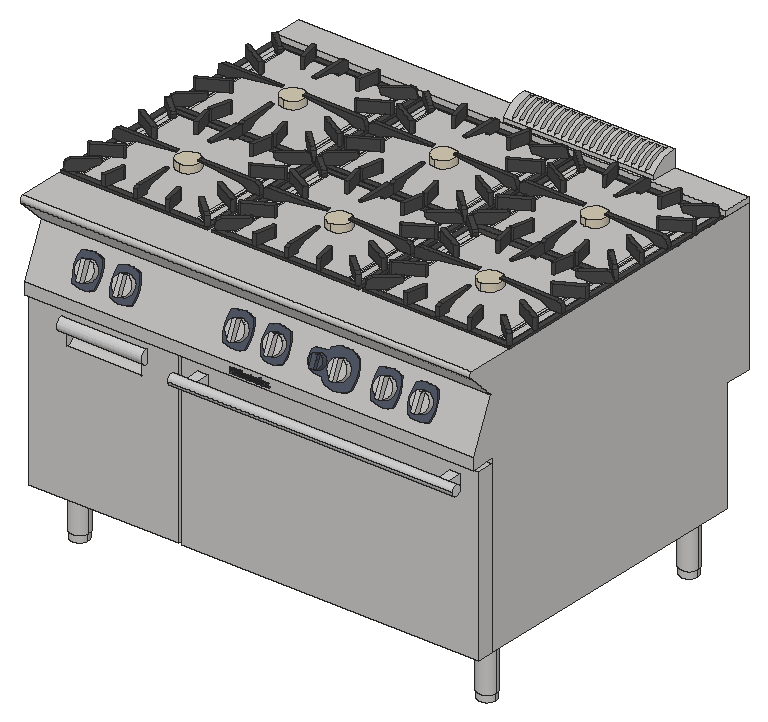
Revit family "QF_ELECTROLUXPROFESSIONAL_391014_E9GCGL6C1M", category Specialty Equipment, Revit 2018
Family settings
  Round Connector Dimension = Use Diameter
  Part Type = Normal
  Work Plane-Based = No
  Always vertical = Yes
  Cut with Voids When Loaded = No
  Shared = No
  Room Calculation Point = No
Parameters
  Weight = 0.00 kg
  Watts = 0 W
  Volts = 0 V
  URL Manufacturer = "http://professional.electrolux.com/"
  URL = "http://professional.electrolux.com/"
  Steam Supply Size = 0"
  Steam Supply Minimum Pressure = 0.00 psi
  Steam Supply Maximum Pressure = 0.00 psi
  Steam Pounds per Hour = 0
  Show Logo [instance] = yes
  Show Clearance [instance] = yes
  Refrigeration Suction Line Size = 0"
  Refrigeration Liquid Line Size = 0"
  Refrigerant Compressor Remote = yes
  Phase = 0
  Model = "E9GCGL6C1M"
  Manufacturer = "Electrolux"
  Length Actual = 1200 mm  # constant formula
  Item Number = "391014"
  Hot Water Size = 0"
  Height Actual = 850 mm  # constant formula
  HP = "0 HP"
  Gas Size = 0"
  Gas KW = 68.5
  Gas Input Pressure = 1.36309 Btu/h
  Direct Waste Size = 0"
  Description = "6-BURNER(10KW)GAS RANGE+OVEN+CUPB.1200MM"
  Depth Actual = 930 mm  # constant formula
  Cycle = 0 Hz
  Condensate Return Size = 0"
  Compressed Air Volume = 0 GPM
  Compressed Air Size = 0"
  Compressed Air Pressure = 0.00 psi
  Cold Water Size = 0"
  Assembly Code = ""
  Accessory = yes
Reference planes
  plane 1 "BACK": y = 0
  plane 2: z = 0
  plane 3 "LEFT": x = 0
  plane 4 "RIGHT": x = 1200
  plane 5 "FRONT": y = -700
  plane 6 "TOP": z = 909
  plane 7 "Center Y": x = 600
  plane 8 "Center X": y = -350
  plane 9 "Base": z = 150
  plane 10: z = 850.9
  plane 11: y = -930
  plane 12: y = -1109
  plane 13: y = -128
  plane 14: y = -802
  plane 15: y = -1309
  plane 16: y = -665
  plane 17: x = 56
  plane 18: x = 1144
Forms (mm)
  Extrusion 1, solid, material "QF_Finishes_Stainless Steel"
    sketch origin (0, 0, 0) x (0, 1, 0) y (0, 0, 1)
      loop
        line (0, 450) -> (0, 850.9) -> (-921.37, 850.9)
        arc (-921.37, 850.9) -> (-929.343, 845.573) -> (-927.472, 836.168) r 8.63
        line (-927.472, 836.168) -> (-858.266, 766.833) -> (-915.833, 641.476) -> (-915.833, 610.179) -> (-855.839, 614.875)
        arc (-855.839, 614.875) -> (-853.314, 614.127) -> (-852.222, 611.731) r 3.175
        line (-852.222, 611.731) -> (-852.222, 150) -> (-71, 150) -> (-71, 450) -> (0, 450)
    from 0 to 1200
  Extrusion 2, solid, material "QF_Finishes_Stainless Steel"
    sketch origin (0, -852.222, 611.731) x (0, 0, -1) y (1, 0, 0)
      loop
        line (461.731, 408.5) -> (461.731, 1200) -> (9.61, 1200) -> (9.61, 408.5) -> (461.731, 408.5)
      loop
        line (461.731, 0) -> (461.731, 400.5) -> (9.61, 400.5) -> (9.61, 0) -> (461.731, 0)
      loop
        line (95.781, 100.253) -> (95.781, 300.8) -> (44.981, 300.8) -> (44.981, 100.253) -> (95.781, 100.253)
    from 3.175 to 47.778
  Extrusion 3, solid, material "QF_Finishes_Stainless Steel"
    sketch origin (0, 0, 0) x (0, -1, 0) y (0, 0, 1)
      loop
        line (0, 850.9) -> (76.2, 850.9) -> (76.2, 865.188) -> (0, 865.188) -> (0, 850.9)
    from 0 to -1200
  Extrusion 4, solid, material "QF_Finishes_Stainless Steel"
    sketch origin (0, -852.222, 150) x (1, 0, 0) y (0, -1, 0)
      loop
        circle (1149, -187.222) r 6.4
    from 0 to 21
  Extrusion 5, solid, material "QF_Door-Drawer Clearances", visible <- "Show Clearance", detail levels coarse
    sketch origin (0, -200, 0) x (0, 1, 0) y (0, 0, 1)
      loop
        line (-1109, 150) -> (-700, 150) -> (-700, 601.405)
        arc (-700, 601.405) -> (-991.543, 454.568) -> (-1109, 150) r 453.603
    from 0 to 1200
  Extrusion 6, solid, material "QF_Clearances", visible <- "Show Clearance", detail levels coarse
    sketch origin (0, -200, 0) x (1, 0, 0) y (0, 1, 0)
      loop
        line (-100, -730) -> (0, -730) -> (0, 200) -> (1200, 200) -> (1200, -730) -> (1300, -730) -> (1300, 300) -> (-100, 300) -> (-100, -730)
    from 0 to 908.85
  Extrusion 7, solid, material "QF_Finishes_Handrails and Railings"
    sketch origin (400, -200, 0) x (0, 1, 0) y (0, 0, 1)
      loop
        line (-700, 580.001) -> (-738.549, 577.296)
        arc (-738.549, 577.296) -> (-739.742, 563.489) -> (-752.852, 558.993) r 12.7
        arc (-752.852, 558.993) -> (-752.311, 558.176) -> (-751.712, 557.401) r 13.441
        arc (-751.712, 557.401) -> (-749.907, 555.955) -> (-747.68, 555.335) r 5.77
        line (-747.68, 555.335) -> (-700, 551.992) -> (-700, 580.001)
    from 50.8 to 76.2
  Extrusion 8, solid, material "QF_Finishes_Handrails and Railings"
    sketch origin (1200, -200, 0) x (0, 1, 0) y (0, 0, -1)
      loop
        line (-700, -580.001) -> (-700, -551.992) -> (-747.68, -555.335)
        arc (-747.68, -555.335) -> (-749.907, -555.955) -> (-751.712, -557.401) r 5.77
        arc (-751.712, -557.401) -> (-752.311, -558.176) -> (-752.852, -558.993) r 13.441
        arc (-752.852, -558.993) -> (-739.742, -563.489) -> (-738.549, -577.296) r 12.7
        line (-738.549, -577.296) -> (-700, -580.001)
    from 50.8 to 76.2
  Extrusion 9, solid, material "QF_Finishes_Handrails and Railings"
    sketch origin (400, -200, 0) x (0, 1, 0) y (0, 0, 1)
      loop
        circle (-749.749, 571.309) r 12.7
    from 19.875 to 780.125
  Extrusion 10, solid, material "QF_Finishes_Handrails and Railings"
    sketch origin (177.525, -643.896, 1933.213) x (0, 0.885087, 0.465426) y (0, -0.465426, 0.885087)
      loop
        arc (-854.629, -1074.965) -> (-878.641, -1082.427) -> (-871.18, -1106.439) r 17.78
        line (-871.18, -1106.439) -> (-854.629, -1074.965)
    from -89.972 to 135.975
  Extrusion 11, solid, material "QF_Finishes_Stainless Steel"
    sketch origin (-22.5, -200, 28.959) x (0, 1, 0) y (0, 0, 1)
      loop
        line (-700, 486.991) -> (-657.087, 486.991) -> (-657.087, 537.791) -> (-678.147, 537.791) -> (-678.147, 511.464)
        arc (-678.147, 511.464) -> (-684.405, 495.059) -> (-700, 486.991) r 24.63
    from 122.753 to 323.3
  Extrusion 12, solid, material "QF_Finishes_Navy Blue"
    sketch origin (405.244, -913.772, 646.186) x (0, 0.418102, 0.9084) y (-1, 0, 0)
      loop
        arc (102.623, -510.47) -> (67.041, -502.846) -> (31.333, -509.853) r 90.5
        arc (31.333, -509.853) -> (24.507, -539.04) -> (31.333, -568.228) r 65.817
        arc (31.333, -568.228) -> (67.04, -575.188) -> (102.623, -567.615) r 91.066
        arc (102.623, -567.615) -> (109.179, -539.043) -> (102.623, -510.47) r 65.546
    from 0 to 3.175
  Extrusion 13, solid, material "QF_Finishes_Stainless Steel"
    sketch origin (783.994, -917.485, 645.711) x (0, 0.418102, 0.9084) y (-1, 0, 0)
      loop
        circle (68.826, -160.963) r 25.4
    from 0 to 12.7
  Extrusion 14, solid, material "QF_Finishes_Stainless Steel"
    sketch origin (783.994, -929.022, 651.021) x (0, 0.418102, 0.9084) y (-1, 0, 0)
      loop
        arc (93.558, -166.749) -> (94.226, -160.963) -> (93.558, -155.177) r 25.4
        line (93.558, -155.177) -> (44.094, -155.177)
        arc (44.094, -155.177) -> (43.426, -160.963) -> (44.094, -166.749) r 25.4
        line (44.094, -166.749) -> (93.558, -166.749)
    from 0 to 12.7
  Extrusion 15, solid, material "QF_Finishes_Navy Blue"
    sketch origin (282.787, -913.772, 646.186) x (0, 0.418102, 0.9084) y (-1, 0, 0)
      loop
        arc (104.355, -502.587) -> (101.326, -501.258) -> (98.25, -500.039) r 91.066
        arc (98.25, -500.039) -> (96.592, -482.449) -> (93.213, -465.107) r 179.528
        arc (93.213, -465.107) -> (69.244, -452.795) -> (45.274, -465.107) r 29.489
        arc (45.274, -465.107) -> (38.909, -481.441) -> (37.449, -498.912) r 61.044
        arc (37.449, -498.912) -> (34.471, -499.962) -> (31.532, -501.116) r 91.066
        arc (31.532, -501.116) -> (19.517, -540.223) -> (32.929, -578.873) r 65.817
        arc (32.929, -578.873) -> (68.105, -585.173) -> (102.996, -577.452) r 91.066
        arc (102.996, -577.452) -> (115.418, -540.233) -> (104.355, -502.587) r 65.546
    from 0 to 3.175
  Extrusion 16, solid, material "QF_Finishes_Stainless Steel"
    sketch origin (661.537, -917.485, 645.711) x (0, 0.418102, 0.9084) y (-1, 0, 0)
      loop
        circle (68.826, -160.963) r 25.4
    from 0 to 12.7
  Extrusion 17, solid, material "QF_Finishes_Stainless Steel"
    sketch origin (661.537, -929.022, 651.021) x (0, 0.418102, 0.9084) y (-1, 0, 0)
      loop
        arc (93.558, -166.749) -> (94.226, -160.963) -> (93.558, -155.177) r 25.4
        line (93.558, -155.177) -> (44.094, -155.177)
        arc (44.094, -155.177) -> (43.426, -160.963) -> (44.094, -166.749) r 25.4
        line (44.094, -166.749) -> (93.558, -166.749)
    from 0 to 12.7
  Extrusion 18, solid, material "QF_Finishes_Navy Blue"
    sketch origin (604.037, -917.485, 645.711) x (0, 0.418102, 0.9084) y (-1, 0, 0)
      loop
        circle (68.826, -160.963) r 18.37
    from 0 to 12.7
  Extrusion 19, solid, material "QF_Finishes_Navy Blue"
    sketch origin (602.746, -929.022, 651.021) x (0, 0.418102, 0.9084) y (-1, 0, 0)
      loop
        arc (84.808, -167.687) -> (85.476, -161.901) -> (84.808, -156.114) r 25.4
        line (84.808, -156.114) -> (52.844, -156.114)
        arc (52.844, -156.114) -> (52.176, -161.901) -> (52.844, -167.687) r 25.4
        line (52.844, -167.687) -> (84.808, -167.687)
    from 0 to 8.112
  Extrusion 20, solid, material "QF_Finishes_Navy Blue"
    sketch origin (-392.256, -913.772, 646.186) x (0, 0.418102, 0.9084) y (-1, 0, 0)
      loop
        arc (102.623, -510.47) -> (67.041, -502.846) -> (31.333, -509.853) r 90.5
        arc (31.333, -509.853) -> (24.507, -539.04) -> (31.333, -568.228) r 65.817
        arc (31.333, -568.228) -> (67.04, -575.188) -> (102.623, -567.615) r 91.066
        arc (102.623, -567.615) -> (109.179, -539.043) -> (102.623, -510.47) r 65.546
    from 0 to 3.175
  Extrusion 21, solid, material "QF_Finishes_Stainless Steel"
    sketch origin (-13.506, -917.485, 645.711) x (0, 0.418102, 0.9084) y (-1, 0, 0)
      loop
        circle (68.826, -160.963) r 25.4
    from 0 to 12.7
  Extrusion 22, solid, material "QF_Finishes_Stainless Steel"
    sketch origin (-13.506, -929.022, 651.021) x (0, 0.418102, 0.9084) y (-1, 0, 0)
      loop
        arc (93.558, -166.749) -> (94.226, -160.963) -> (93.558, -155.177) r 25.4
        line (93.558, -155.177) -> (44.094, -155.177)
        arc (44.094, -155.177) -> (43.426, -160.963) -> (44.094, -166.749) r 25.4
        line (44.094, -166.749) -> (93.558, -166.749)
    from 0 to 12.7
  Extrusion 23, solid, material "QF_Finishes_Navy Blue"
    sketch origin (-292.256, -913.772, 646.186) x (0, 0.418102, 0.9084) y (-1, 0, 0)
      loop
        arc (102.623, -510.47) -> (67.041, -502.846) -> (31.333, -509.853) r 90.5
        arc (31.333, -509.853) -> (24.507, -539.04) -> (31.333, -568.228) r 65.817
        arc (31.333, -568.228) -> (67.04, -575.188) -> (102.623, -567.615) r 91.066
        arc (102.623, -567.615) -> (109.179, -539.043) -> (102.623, -510.47) r 65.546
    from 0 to 3.175
  Extrusion 24, solid, material "QF_Finishes_Stainless Steel"
    sketch origin (86.494, -917.485, 645.711) x (0, 0.418102, 0.9084) y (-1, 0, 0)
      loop
        circle (68.826, -160.963) r 25.4
    from 0 to 12.7
  Extrusion 25, solid, material "QF_Finishes_Stainless Steel"
    sketch origin (86.494, -929.022, 651.021) x (0, 0.418102, 0.9084) y (-1, 0, 0)
      loop
        arc (93.558, -166.749) -> (94.226, -160.963) -> (93.558, -155.177) r 25.4
        line (93.558, -155.177) -> (44.094, -155.177)
        arc (44.094, -155.177) -> (43.426, -160.963) -> (44.094, -166.749) r 25.4
        line (44.094, -166.749) -> (93.558, -166.749)
    from 0 to 12.7
  Extrusion 26, solid, material "QF_Finishes_Stainless Steel"
    sketch origin (202.4, -200, 590.5) x (0, 1, 0) y (0, 0, 1)
      loop
        line (200, 274.688) -> (200, 318.5)
        arc (200, 318.5) -> (160.905, 309.851) -> (130.15, 284.212) r 84.706
        line (130.15, 284.212) -> (130.15, 274.688) -> (200, 274.688)
    from 400 to 800
  Extrusion 27, solid, material "QF_Finishes_Navy Blue"
    sketch origin (502.744, -913.772, 646.186) x (0, 0.418102, 0.9084) y (-1, 0, 0)
      loop
        arc (102.623, -510.47) -> (67.041, -502.846) -> (31.333, -509.853) r 90.5
        arc (31.333, -509.853) -> (24.507, -539.04) -> (31.333, -568.228) r 65.817
        arc (31.333, -568.228) -> (67.04, -575.188) -> (102.623, -567.615) r 91.066
        arc (102.623, -567.615) -> (109.179, -539.043) -> (102.623, -510.47) r 65.546
    from 0 to 3.175
  Extrusion 28, solid, material "QF_Finishes_Stainless Steel"
    sketch origin (881.494, -917.485, 645.711) x (0, 0.418102, 0.9084) y (-1, 0, 0)
      loop
        circle (68.826, -160.963) r 25.4
    from 0 to 12.7
  Extrusion 29, solid, material "QF_Finishes_Stainless Steel"
    sketch origin (881.494, -929.022, 651.021) x (0, 0.418102, 0.9084) y (-1, 0, 0)
      loop
        arc (93.558, -166.749) -> (94.226, -160.963) -> (93.558, -155.177) r 25.4
        line (93.558, -155.177) -> (44.094, -155.177)
        arc (44.094, -155.177) -> (43.426, -160.963) -> (44.094, -166.749) r 25.4
        line (44.094, -166.749) -> (93.558, -166.749)
    from 0 to 12.7
  Extrusion 30, solid, material "QF_Finishes_Navy Blue"
    sketch origin (10.244, -913.772, 646.186) x (0, 0.418102, 0.9084) y (-1, 0, 0)
      loop
        arc (102.623, -510.47) -> (67.041, -502.846) -> (31.333, -509.853) r 90.5
        arc (31.333, -509.853) -> (24.507, -539.04) -> (31.333, -568.228) r 65.817
        arc (31.333, -568.228) -> (67.04, -575.188) -> (102.623, -567.615) r 91.066
        arc (102.623, -567.615) -> (109.179, -539.043) -> (102.623, -510.47) r 65.546
    from 0 to 3.175
  Extrusion 31, solid, material "QF_Finishes_Stainless Steel"
    sketch origin (388.994, -917.485, 645.711) x (0, 0.418102, 0.9084) y (-1, 0, 0)
      loop
        circle (68.826, -160.963) r 25.4
    from 0 to 12.7
  Extrusion 32, solid, material "QF_Finishes_Stainless Steel"
    sketch origin (388.994, -929.022, 651.021) x (0, 0.418102, 0.9084) y (-1, 0, 0)
      loop
        arc (93.558, -166.749) -> (94.226, -160.963) -> (93.558, -155.177) r 25.4
        line (93.558, -155.177) -> (44.094, -155.177)
        arc (44.094, -155.177) -> (43.426, -160.963) -> (44.094, -166.749) r 25.4
        line (44.094, -166.749) -> (93.558, -166.749)
    from 0 to 12.7
  Extrusion 33, solid, material "QF_Finishes_Navy Blue"
    sketch origin (110.244, -913.772, 646.186) x (0, 0.418102, 0.9084) y (-1, 0, 0)
      loop
        arc (102.623, -510.47) -> (67.041, -502.846) -> (31.333, -509.853) r 90.5
        arc (31.333, -509.853) -> (24.507, -539.04) -> (31.333, -568.228) r 65.817
        arc (31.333, -568.228) -> (67.04, -575.188) -> (102.623, -567.615) r 91.066
        arc (102.623, -567.615) -> (109.179, -539.043) -> (102.623, -510.47) r 65.546
    from 0 to 3.175
  Extrusion 34, solid, material "QF_Finishes_Stainless Steel"
    sketch origin (488.994, -917.485, 645.711) x (0, 0.418102, 0.9084) y (-1, 0, 0)
      loop
        circle (68.826, -160.963) r 25.4
    from 0 to 12.7
  Extrusion 35, solid, material "QF_Finishes_Stainless Steel"
    sketch origin (488.994, -929.022, 651.021) x (0, 0.418102, 0.9084) y (-1, 0, 0)
      loop
        arc (93.558, -166.749) -> (94.226, -160.963) -> (93.558, -155.177) r 25.4
        line (93.558, -155.177) -> (44.094, -155.177)
        arc (44.094, -155.177) -> (43.426, -160.963) -> (44.094, -166.749) r 25.4
        line (44.094, -166.749) -> (93.558, -166.749)
    from 0 to 12.7
  Extrusion 36, solid, material "QF_Finishes_Navy Blue", visible <- "Show Logo"
    sketch origin (261.109, -915.962, 610.773) x (0, 0, 1) y (-1, 0, 0)
      loop
        line (20.674, -296.698) -> (8.307, -296.698)
        arc (8.307, -296.698) -> (14.491, -301.27) -> (20.674, -296.698) r 6.467
      loop
        arc (20.674, -296.069) -> (19.505, -290.926) -> (14.849, -288.448) r 6.338
        line (14.849, -288.448) -> (14.849, -290.494)
        arc (14.849, -290.494) -> (16.333, -294.149) -> (19.778, -296.069) r 5.941
        line (19.778, -296.069) -> (20.674, -296.069)
      loop
        arc (9.203, -296.069) -> (12.648, -294.149) -> (14.132, -290.494) r 5.941
        line (14.132, -290.494) -> (14.132, -288.448)
        arc (14.132, -288.448) -> (9.438, -290.922) -> (8.148, -296.069) r 6.504
        line (8.148, -296.069) -> (9.203, -296.069)
      loop
        line (21.349, -287.979) -> (7.604, -287.979) -> (7.604, -301.742) -> (21.349, -301.742) -> (21.349, -287.979)
      loop
        arc (21.432, -304.71) -> (21.085, -304.352) -> (20.718, -304.69) r 0.358
        arc (20.718, -304.69) -> (20.404, -305.44) -> (19.687, -305.825) r 1.216
        line (19.687, -305.825) -> (9.274, -305.825)
        arc (9.274, -305.825) -> (8.614, -305.548) -> (8.218, -304.951) r 1.238
        arc (8.218, -304.951) -> (7.823, -304.7) -> (7.518, -305.054) r 0.358
        line (7.518, -305.054) -> (7.518, -314.933) -> (10.269, -314.933) -> (10.269, -314.036)
        arc (10.269, -314.036) -> (9.36, -313.456) -> (8.904, -312.479) r 1.928
        line (8.904, -312.479) -> (8.904, -309.98)
        arc (8.904, -309.98) -> (9.18, -309.251) -> (9.868, -308.887) r 1.101
        line (9.868, -308.887) -> (13.955, -308.887) -> (13.955, -312.561)
        arc (13.955, -312.561) -> (13.602, -313.058) -> (13.037, -313.286) r 1.083
        arc (13.037, -313.286) -> (12.773, -313.591) -> (13.065, -313.869) r 0.292
        line (13.065, -313.869) -> (16.028, -313.869)
        arc (16.028, -313.869) -> (16.33, -313.596) -> (16.092, -313.266) r 0.305
        arc (16.092, -313.266) -> (15.601, -313.018) -> (15.296, -312.561) r 1.083
        line (15.296, -312.561) -> (15.296, -308.887) -> (19.973, -308.887) -> (19.973, -312.635)
        arc (19.973, -312.635) -> (19.759, -313.39) -> (19.153, -313.888) r 1.314
        arc (19.153, -313.888) -> (18.934, -314.292) -> (19.288, -314.585) r 0.361
        line (19.288, -314.585) -> (21.432, -314.585) -> (21.432, -304.71)
      loop
        arc (20.715, -315.365) -> (20.335, -316.284) -> (19.416, -316.664) r 1.299
        line (19.416, -316.664) -> (9.837, -316.664)
        arc (9.837, -316.664) -> (8.999, -316.286) -> (8.728, -315.408) r 1.118
        line (8.728, -315.408) -> (7.518, -315.408) -> (7.518, -320.758) -> (8.706, -320.758)
        arc (8.706, -320.758) -> (8.978, -319.841) -> (9.848, -319.445) r 1.153
        line (9.848, -319.445) -> (21.92, -319.445) -> (20.715, -315.365)
      loop
        line (12.483, -323.394) -> (12.483, -329.842) -> (13.282, -329.842)
        arc (13.282, -329.842) -> (15.862, -328.857) -> (17.131, -326.404) r 3.874
        line (17.131, -326.404) -> (17.131, -324.643)
        arc (17.131, -324.643) -> (15.944, -321.778) -> (13.08, -320.592) r 4.051
        line (13.08, -320.592) -> (11.072, -320.592)
        arc (11.072, -320.592) -> (8.253, -322.077) -> (7.202, -325.084) r 4.352
        arc (7.202, -325.084) -> (7.566, -327.547) -> (8.943, -329.621) r 5.713
        line (8.943, -329.621) -> (9.892, -329.621)
        arc (9.892, -329.621) -> (9.16, -328.052) -> (8.943, -326.334) r 5.579
        arc (8.943, -326.334) -> (9.737, -324.371) -> (11.616, -323.394) r 3.057
        line (11.616, -323.394) -> (12.483, -323.394)
      loop
        line (13.742, -323.394) -> (13.742, -326.977)
        arc (13.742, -326.977) -> (15.199, -327.024) -> (16.082, -325.864) r 1.59
        line (16.082, -325.864) -> (16.082, -325.034)
        arc (16.082, -325.034) -> (15.217, -323.779) -> (13.742, -323.394) r 2.184
      loop
        arc (16.533, -339.259) -> (17.022, -337.585) -> (17.179, -335.848) r 9.023
        line (17.179, -335.848) -> (17.179, -334.486)
        arc (17.179, -334.486) -> (16.02, -331.686) -> (13.22, -330.527) r 3.959
        line (13.22, -330.527) -> (10.62, -330.527)
        arc (10.62, -330.527) -> (8.338, -331.819) -> (7.221, -334.192) r 4.331
        line (7.221, -334.192) -> (7.221, -336.327)
        arc (7.221, -336.327) -> (7.729, -337.877) -> (8.651, -339.223) r 5.772
        arc (8.651, -339.223) -> (9.412, -339.274) -> (9.499, -338.515) r 0.553
        arc (9.499, -338.515) -> (9.111, -337.781) -> (8.977, -336.962) r 2.573
        line (8.977, -336.962) -> (8.977, -335.447)
        arc (8.977, -335.447) -> (9.983, -333.806) -> (11.798, -333.163) r 2.884
        line (11.798, -333.163) -> (13.077, -333.163)
        arc (13.077, -333.163) -> (14.898, -333.723) -> (15.824, -335.388) r 2.554
        line (15.824, -335.388) -> (15.824, -336.441)
        arc (15.824, -336.441) -> (15.493, -337.369) -> (14.836, -338.104) r 2.564
        arc (14.836, -338.104) -> (14.614, -338.821) -> (15.223, -339.259) r 0.643
        line (15.223, -339.259) -> (16.533, -339.259)
      loop
        line (15.515, -339.53) -> (15.515, -341.031) -> (9.467, -341.031)
        arc (9.467, -341.031) -> (7.879, -341.688) -> (7.221, -343.276) r 2.246
        line (7.221, -343.276) -> (7.221, -344.86)
        arc (7.221, -344.86) -> (7.535, -345.725) -> (8.035, -346.496) r 4.06
        arc (8.035, -346.496) -> (8.768, -346.629) -> (9.019, -345.928) r 0.576
        arc (9.019, -345.928) -> (8.913, -345.403) -> (8.977, -344.87) r 1.69
        arc (8.977, -344.87) -> (9.519, -344.082) -> (10.425, -343.779) r 1.506
        line (10.425, -343.779) -> (15.563, -343.779) -> (15.563, -346.176) -> (16.119, -346.733) -> (16.941, -346.733) -> (16.941, -343.873) -> (20.172, -343.873) -> (15.515, -339.53)
      loop
        line (7.438, -347.63) -> (7.438, -353.017) -> (8.548, -353.017)
        arc (8.548, -353.017) -> (8.942, -352.066) -> (9.893, -351.672) r 1.345
        line (9.893, -351.672) -> (13.509, -351.672)
        arc (13.509, -351.672) -> (14.274, -352.264) -> (14.564, -353.186) r 1.615
        line (14.564, -353.186) -> (14.564, -354.742) -> (17.119, -355.427) -> (17.119, -354.044) -> (15.177, -351.485) -> (17.057, -351.485) -> (16.773, -348.779)
        arc (16.773, -348.779) -> (16.333, -348.249) -> (15.674, -348.45) r 0.621
        arc (15.674, -348.45) -> (15.274, -348.792) -> (14.78, -348.975) r 1.501
        line (14.78, -348.975) -> (9.893, -348.975)
        arc (9.893, -348.975) -> (8.942, -348.581) -> (8.548, -347.63) r 1.345
        line (8.548, -347.63) -> (7.438, -347.63)
      loop
        line (13.54, -354.964) -> (10.848, -354.964)
        arc (10.848, -354.964) -> (8.403, -356.272) -> (7.269, -358.803) r 4.288
        arc (7.269, -358.803) -> (7.205, -360.183) -> (7.269, -361.563) r 15.022
        arc (7.269, -361.563) -> (8.403, -364.094) -> (10.848, -365.401) r 4.288
        line (10.848, -365.401) -> (13.54, -365.401)
        arc (13.54, -365.401) -> (15.986, -364.094) -> (17.119, -361.563) r 4.288
        arc (17.119, -361.563) -> (17.183, -360.183) -> (17.119, -358.803) r 15.022
        arc (17.119, -358.803) -> (15.986, -356.272) -> (13.54, -354.964) r 4.288
      loop
        line (13.745, -358.078) -> (10.643, -358.078)
        arc (10.643, -358.078) -> (8.486, -360.235) -> (10.643, -362.392) r 2.157
        line (10.643, -362.392) -> (13.745, -362.392)
        arc (13.745, -362.392) -> (15.902, -360.235) -> (13.745, -358.078) r 2.157
      loop
        arc (20.726, -365.26) -> (20.355, -366.154) -> (19.461, -366.524) r 1.264
        line (19.461, -366.524) -> (9.597, -366.524)
        arc (9.597, -366.524) -> (8.727, -366.127) -> (8.455, -365.211) r 1.153
        line (8.455, -365.211) -> (7.518, -365.211) -> (7.518, -370.319) -> (8.446, -370.319)
        arc (8.446, -370.319) -> (8.805, -369.547) -> (9.597, -369.232) r 1.153
        line (9.597, -369.232) -> (21.92, -369.232) -> (20.726, -365.26)
      loop
        arc (15.846, -369.857) -> (15.647, -370.921) -> (14.678, -371.403) r 1.215
        line (14.678, -371.403) -> (9.658, -371.403)
        arc (9.658, -371.403) -> (8.043, -372.051) -> (7.322, -373.634) r 2.338
        line (7.322, -373.634) -> (7.322, -375.148)
        arc (7.322, -375.148) -> (7.497, -376.152) -> (7.999, -377.038) r 2.979
        line (7.999, -377.038) -> (7.518, -378.835) -> (7.518, -380.524) -> (16.943, -380.524) -> (16.649, -376.32) -> (15.863, -376.32)
        arc (15.863, -376.32) -> (15.507, -377.156) -> (14.755, -377.665) r 1.605
        line (14.755, -377.665) -> (9.652, -377.665)
        arc (9.652, -377.665) -> (9.232, -376.728) -> (9.159, -375.704) r 2.94
        arc (9.159, -375.704) -> (9.72, -374.603) -> (10.873, -374.16) r 1.724
        line (10.873, -374.16) -> (17.07, -374.16) -> (15.846, -369.857)
      loop
        line (16.874, -381.377) -> (15.202, -383.423) -> (12.028, -385.729) -> (8.572, -382.617)
        arc (8.572, -382.617) -> (8.335, -382.223) -> (8.357, -381.764) r 0.789
        line (8.357, -381.764) -> (7.518, -381.764) -> (7.518, -385.309) -> (8.344, -385.309)
        arc (8.344, -385.309) -> (8.686, -384.947) -> (9.176, -385.039) r 0.52
        line (9.176, -385.039) -> (10.976, -386.51) -> (8.858, -387.886)
        arc (8.858, -387.886) -> (8.457, -387.576) -> (8.37, -387.076) r 0.7
        line (8.37, -387.076) -> (7.518, -387.076) -> (7.518, -393.003) -> (8.405, -393.003)
        arc (8.405, -393.003) -> (8.472, -392.344) -> (8.866, -391.813) r 1.247
        line (8.866, -391.813) -> (13.066, -388.532) -> (15.513, -390.585) -> (16.874, -392.327) -> (16.874, -388.604) -> (15.389, -389.026) -> (13.868, -387.749) -> (15.568, -386.559) -> (16.874, -387.336) -> (16.874, -381.377)
    from 0 to 1.644
  Revolve 37, solid, material "QF_Finishes_Stainless Steel"
    sketch origin (799, -128, 0) x (-1, 0, 0) y (0, 0, -1)
      loop
        line (-345, 0) -> (-367.9, 0) -> (-367.9, -19.05) -> (-370.4, -19.05) -> (-370.4, -150) -> (-345, -150) -> (-345, 0)
      axis (-345, 0) -> (-345, -150)
    angle from 0 to 360
  Revolve 38, solid, material "QF_Finishes_Stainless Steel"
    sketch origin (799, -802, 0) x (-1, 0, 0) y (0, 0, -1)
      loop
        line (-345, 0) -> (-367.9, 0) -> (-367.9, -19.05) -> (-370.4, -19.05) -> (-370.4, -150) -> (-345, -150) -> (-345, 0)
      axis (-345, 0) -> (-345, -150)
    angle from 0 to 360
  Extrusion 39, void
    sketch origin (-62.611, 0, 865.138) x (-1, 0, 0) y (0, -1, 0)
      loop
        line (-695.005, 6.761) -> (-685.709, 6.761) -> (-685.709, 63.911) -> (-695.005, 63.911) -> (-695.005, 6.761)
      loop
        line (-713.697, 6.761) -> (-704.401, 6.761) -> (-704.401, 63.911) -> (-713.697, 63.911) -> (-713.697, 6.761)
      loop
        line (-732.39, 6.761) -> (-723.094, 6.761) -> (-723.094, 63.911) -> (-732.39, 63.911) -> (-732.39, 6.761)
      loop
        line (-751.082, 6.761) -> (-741.787, 6.761) -> (-741.787, 63.911) -> (-751.082, 63.911) -> (-751.082, 6.761)
      loop
        line (-769.775, 6.761) -> (-760.479, 6.761) -> (-760.479, 63.911) -> (-769.775, 63.911) -> (-769.775, 6.761)
      loop
        line (-788.468, 6.761) -> (-779.172, 6.761) -> (-779.172, 63.911) -> (-788.468, 63.911) -> (-788.468, 6.761)
      loop
        line (-807.16, 6.761) -> (-797.864, 6.761) -> (-797.864, 63.911) -> (-807.16, 63.911) -> (-807.16, 6.761)
      loop
        line (-825.853, 6.761) -> (-816.557, 6.761) -> (-816.557, 63.911) -> (-825.853, 63.911) -> (-825.853, 6.761)
      loop
        line (-844.545, 6.761) -> (-835.25, 6.761) -> (-835.25, 63.911) -> (-844.545, 63.911) -> (-844.545, 6.761)
      loop
        line (-863.238, 6.761) -> (-853.942, 6.761) -> (-853.942, 63.911) -> (-863.238, 63.911) -> (-863.238, 6.761)
      loop
        line (-881.931, 6.761) -> (-872.635, 6.761) -> (-872.635, 63.911) -> (-881.931, 63.911) -> (-881.931, 6.761)
      loop
        line (-900.623, 6.761) -> (-891.328, 6.761) -> (-891.328, 63.911) -> (-900.623, 63.911) -> (-900.623, 6.761)
      loop
        line (-919.316, 6.761) -> (-910.02, 6.761) -> (-910.02, 63.911) -> (-919.316, 63.911) -> (-919.316, 6.761)
      loop
        line (-938.008, 6.761) -> (-928.713, 6.761) -> (-928.713, 63.911) -> (-938.008, 63.911) -> (-938.008, 6.761)
      loop
        line (-956.701, 6.761) -> (-947.405, 6.761) -> (-947.405, 63.911) -> (-956.701, 63.911) -> (-956.701, 6.761)
      loop
        line (-975.394, 6.761) -> (-966.098, 6.761) -> (-966.098, 63.911) -> (-975.394, 63.911) -> (-975.394, 6.761)
      loop
        line (-994.086, 6.761) -> (-984.791, 6.761) -> (-984.791, 63.911) -> (-994.086, 63.911) -> (-994.086, 6.761)
      loop
        line (-1012.779, 6.761) -> (-1003.483, 6.761) -> (-1003.483, 63.911) -> (-1012.779, 63.911) -> (-1012.779, 6.761)
      loop
        line (-1031.472, 6.761) -> (-1022.176, 6.761) -> (-1022.176, 63.911) -> (-1031.472, 63.911) -> (-1031.472, 6.761)
      loop
        line (-1050.164, 6.761) -> (-1040.868, 6.761) -> (-1040.868, 63.911) -> (-1050.164, 63.911) -> (-1050.164, 6.761)
    from 9.525 to 45.348
  Revolve 40, solid, material "QF_Finishes_Stainless Steel"
    sketch origin (1, -128, 0) x (1, 0, 0) y (0, 0, 1)
      loop
        line (55, 0) -> (55, 150) -> (29.6, 150) -> (29.6, 19.05) -> (32.1, 19.05) -> (32.1, 0) -> (55, 0)
      axis (55, 0) -> (55, 150)
    angle from 0 to 360
  Revolve 41, solid, material "QF_Finishes_Stainless Steel"
    sketch origin (1, -802, 0) x (1, 0, 0) y (0, 0, 1)
      loop
        line (55, 0) -> (55, 150) -> (29.6, 150) -> (29.6, 19.05) -> (32.1, 19.05) -> (32.1, 0) -> (55, 0)
      axis (55, 0) -> (55, 150)
    angle from 0 to 360
Cuts and joins
  Extrusion 39 cuts Extrusion 26
Lines and regions (mm)
  symbolic lines, style "QF_Door-Drawer Clearances"
    curve 1: line (0, -930, 150) -> (0, -1309, 150)
    curve 2: line (0, -1309, 150) -> (1200, -1309, 150)
    curve 3: line (1200, -1309, 150) -> (1200, -930, 150)
  symbolic lines
    curve 4: line (1200, -930, 150) -> (0, -930, 150)
    curve 5: line (0, 0, 150) -> (0, -930, 150)
    curve 6: line (1200, -930, 150) -> (1200, 0, 150)
    curve 7: line (0, 0, 150) -> (1200, 0, 150)
    curve 11: line (1180.125, -962.449, 150) -> (419.875, -962.449, 150)
    curve 12: line (1180.125, -937.049, 150) -> (1180.125, -962.449, 150)
    curve 13: line (1149.2, -938.549, 150) -> (1149.2, -930, 150)
    curve 14: line (1123.8, -938.549, 150) -> (1123.8, -930, 150)
    curve 15: line (1123.8, -938.549, 150) -> (1149.2, -938.549, 150)
    curve 16: line (419.875, -937.049, 150) -> (450.8, -937.049, 150)
    curve 17: line (1149.2, -937.049, 150) -> (1180.125, -937.049, 150)
    curve 18: line (632.394, -6.761, 150) -> (632.394, -63.911, 150)
    curve 19: line (632.394, -63.911, 150) -> (623.098, -63.911, 150)
    curve 20: line (623.098, -63.911, 150) -> (623.098, -6.761, 150)
    curve 21: line (623.098, -6.761, 150) -> (632.394, -6.761, 150)
    curve 22: line (838.012, -6.761, 150) -> (838.012, -63.911, 150)
    curve 23: line (838.012, -63.911, 150) -> (828.717, -63.911, 150)
    curve 24: line (828.717, -63.911, 150) -> (828.717, -6.761, 150)
    curve 25: line (828.717, -6.761, 150) -> (838.012, -6.761, 150)
    curve 26: line (819.32, -6.761, 150) -> (819.32, -63.911, 150)
    curve 27: line (819.32, -63.911, 150) -> (810.024, -63.911, 150)
    curve 28: line (810.024, -63.911, 150) -> (810.024, -6.761, 150)
    curve 29: line (810.024, -6.761, 150) -> (819.32, -6.761, 150)
    curve 30: line (800.627, -6.761, 150) -> (800.627, -63.911, 150)
    curve 31: line (800.627, -63.911, 150) -> (791.331, -63.911, 150)
    curve 32: line (791.331, -63.911, 150) -> (791.331, -6.761, 150)
    curve 33: line (791.331, -6.761, 150) -> (800.627, -6.761, 150)
    curve 34: line (781.934, -6.761, 150) -> (781.934, -63.911, 150)
    curve 35: line (781.934, -63.911, 150) -> (772.639, -63.911, 150)
    curve 36: line (772.639, -63.911, 150) -> (772.639, -6.761, 150)
    curve 37: line (772.639, -6.761, 150) -> (781.934, -6.761, 150)
    curve 38: line (763.242, -6.761, 150) -> (763.242, -63.911, 150)
    curve 39: line (763.242, -63.911, 150) -> (753.946, -63.911, 150)
    curve 40: line (753.946, -63.911, 150) -> (753.946, -6.761, 150)
    curve 41: line (753.946, -6.761, 150) -> (763.242, -6.761, 150)
    curve 42: line (744.549, -6.761, 150) -> (744.549, -63.911, 150)
    curve 43: line (744.549, -63.911, 150) -> (735.253, -63.911, 150)
    curve 44: line (735.253, -63.911, 150) -> (735.253, -6.761, 150)
    curve 45: line (735.253, -6.761, 150) -> (744.549, -6.761, 150)
    curve 46: line (725.857, -6.761, 150) -> (725.857, -63.911, 150)
    curve 47: line (725.857, -63.911, 150) -> (716.561, -63.911, 150)
    curve 48: line (716.561, -63.911, 150) -> (716.561, -6.761, 150)
    curve 49: line (716.561, -6.761, 150) -> (725.857, -6.761, 150)
    curve 50: line (707.164, -6.761, 150) -> (707.164, -63.911, 150)
    curve 51: line (707.164, -63.911, 150) -> (697.868, -63.911, 150)
    curve 52: line (697.868, -63.911, 150) -> (697.868, -6.761, 150)
    curve 53: line (697.868, -6.761, 150) -> (707.164, -6.761, 150)
    curve 54: line (688.471, -6.761, 150) -> (688.471, -63.911, 150)
    curve 55: line (688.471, -63.911, 150) -> (679.176, -63.911, 150)
    curve 56: line (679.176, -63.911, 150) -> (679.176, -6.761, 150)
    curve 57: line (679.176, -6.761, 150) -> (688.471, -6.761, 150)
    curve 58: line (669.779, -6.761, 150) -> (669.779, -63.911, 150)
    curve 59: line (669.779, -63.911, 150) -> (660.483, -63.911, 150)
    curve 60: line (660.483, -63.911, 150) -> (660.483, -6.761, 150)
    curve 61: line (660.483, -6.761, 150) -> (669.779, -6.761, 150)
    curve 62: line (651.086, -6.761, 150) -> (651.086, -63.911, 150)
    curve 63: line (651.086, -63.911, 150) -> (641.79, -63.911, 150)
    curve 64: line (641.79, -63.911, 150) -> (641.79, -6.761, 150)
    curve 65: line (641.79, -6.761, 150) -> (651.086, -6.761, 150)
    curve 66: line (987.553, -6.761, 150) -> (987.553, -63.911, 150)
    curve 67: line (987.553, -63.911, 150) -> (978.257, -63.911, 150)
    curve 68: line (978.257, -63.911, 150) -> (978.257, -6.761, 150)
    curve 69: line (978.257, -6.761, 150) -> (987.553, -6.761, 150)
    curve 70: line (968.861, -6.761, 150) -> (968.861, -63.911, 150)
    curve 71: line (968.861, -63.911, 150) -> (959.565, -63.911, 150)
    curve 72: line (959.565, -63.911, 150) -> (959.565, -6.761, 150)
    curve 73: line (959.565, -6.761, 150) -> (968.861, -6.761, 150)
    curve 74: line (950.168, -6.761, 150) -> (950.168, -63.911, 150)
    curve 75: line (950.168, -63.911, 150) -> (940.872, -63.911, 150)
    curve 76: line (940.872, -63.911, 150) -> (940.872, -6.761, 150)
    curve 77: line (940.872, -6.761, 150) -> (950.168, -6.761, 150)
    curve 78: line (931.475, -6.761, 150) -> (931.475, -63.911, 150)
    curve 79: line (931.475, -63.911, 150) -> (922.18, -63.911, 150)
    curve 80: line (922.18, -63.911, 150) -> (922.18, -6.761, 150)
    curve 81: line (922.18, -6.761, 150) -> (931.475, -6.761, 150)
    curve 82: line (912.783, -6.761, 150) -> (912.783, -63.911, 150)
    curve 83: line (912.783, -63.911, 150) -> (903.487, -63.911, 150)
    curve 84: line (903.487, -63.911, 150) -> (903.487, -6.761, 150)
    curve 85: line (903.487, -6.761, 150) -> (912.783, -6.761, 150)
    curve 86: line (894.09, -6.761, 150) -> (894.09, -63.911, 150)
    curve 87: line (894.09, -63.911, 150) -> (884.794, -63.911, 150)
    curve 88: line (884.794, -63.911, 150) -> (884.794, -6.761, 150)
    curve 89: line (884.794, -6.761, 150) -> (894.09, -6.761, 150)
    curve 90: line (875.397, -6.761, 150) -> (875.397, -63.911, 150)
    curve 91: line (875.397, -63.911, 150) -> (866.102, -63.911, 150)
    curve 92: line (866.102, -63.911, 150) -> (866.102, -6.761, 150)
    curve 93: line (866.102, -6.761, 150) -> (875.397, -6.761, 150)
    curve 94: line (856.705, -6.761, 150) -> (856.705, -63.911, 150)
    curve 95: line (856.705, -63.911, 150) -> (847.409, -63.911, 150)
    curve 96: line (847.409, -63.911, 150) -> (847.409, -6.761, 150)
    curve 97: line (847.409, -6.761, 150) -> (856.705, -6.761, 150)
    curve 98: line (1002.4, -69.85, 150) -> (1002.4, 0, 150)
    curve 99: line (602.4, -69.85, 150) -> (602.4, 0, 150)
    curve 100: line (450.8, -938.549, 150) -> (450.8, -930, 150)
    curve 101: line (476.2, -930, 150) -> (476.2, -938.549, 150)
    curve 102: line (419.875, -937.049, 150) -> (450.8, -937.049, 150)
    curve 103: line (419.875, -962.449, 150) -> (419.875, -937.049, 150)
    curve 104: line (450.8, -938.549, 150) -> (476.2, -938.549, 150)
    curve 105: line (476.2, -937.049, 150) -> (1123.8, -937.049, 150)
    curve 106: line (602.4, -69.85, 0) -> (1002.4, -69.85, 0)
    curve 107: line (0, -76.2, 0) -> (1200, -76.2, 0)
  symbolic lines, style "QF_Clearances", visible <- "Show Clearance", detail levels coarse
    curve 8: line (-100, -930, 150) -> (-100, 100, 150)
    curve 9: line (-100, 100, 150) -> (1300, 100, 150)
    curve 10: line (1300, 100, 150) -> (1300, -930, 150)
Dimensions and locks
  equal spacing: plane 3 "LEFT", plane 7 "Center Y", plane 4 "RIGHT"
  plane 3 "LEFT" to plane 4 "RIGHT" = 1200 mm
  equal spacing: plane 5 "FRONT", plane 8 "Center X", plane 1 "BACK"
  plane 11 to plane 1 "BACK" = 930 mm  (x2)
  plane 6 "TOP" to level = 909 mm
  plane 9 "Base" to level = 150 mm
  plane 6 "TOP" to plane 10 = 58.1 mm  (x3)
  plane 1 "BACK" to plane 11 = 930 mm
  plane 1 "BACK" to plane 12 = 1109 mm
  locked: Extrusion 1 sketch curve to plane 1 "BACK" at 71
  plane 13 to plane 1 "BACK" = 128 mm
  plane 9 "Base" to plane 2 = 150 mm
  plane 14 to plane 13 = 674 mm
  Extrusion 5 to plane 14 = 98 mm
  plane 15 to plane 1 "BACK" = 1309 mm
  Extrusion 5 to plane 1 "BACK" = 900 mm
  Extrusion 4 sketch curve to plane 1 "BACK" = 665 mm
  Extrusion 4 sketch curve to plane 4 "RIGHT" = 51 mm
  plane 16 to plane 1 "BACK" = 665 mm
  Extrusion 1 to plane 1 "BACK" = 71 mm
  plane 9 "Base" to Extrusion 1 = 300 mm
  plane 6 "TOP" to plane 2 = 909 mm
  plane 10 to plane 2 = 850.9 mm
  Extrusion 6 sketch curve to Extrusion 6 sketch curve = 100 mm
  plane 3 "LEFT" to plane 17 = 56 mm
  plane 4 "RIGHT" to plane 18 = 56 mm
  plane 18 to plane 17 = 1088 mm
  Extrusion 4 to plane 9 "Base" = 21 mm
  aligned and locked: level to plane 2
  aligned and locked: plane 4 "RIGHT" to Extrusion 1
  aligned and locked: plane 4 "RIGHT" to Extrusion 3
Automatic sketch dimensions
  curve 107 to plane 3 "LEFT" = 0 mm
  curve 107 to plane 4 "RIGHT" = 0 mm
  plane 7 "Center Y" to curve 106 = 2.4 mm
  curve 106 to plane 13 = 58.15 mm
  curve 106 to plane 18 = 141.6 mm
  curve 107 to plane 13 = 51.8 mm
  plane 11 to curve 10 = 0 mm
  curve 3 to plane 4 "RIGHT" = 0 mm
  curve 4 to plane 4 "RIGHT" = 0 mm
  plane 11 to curve 13 = 0 mm
  plane 1 "BACK" to curve 98 = 0 mm
  curve 5 to plane 3 "LEFT" = 0 mm
  curve 1 to plane 3 "LEFT" = 0 mm
  plane 11 to curve 8 = 0 mm
  curve 2 to plane 15 = 0 mm
  plane 4 "RIGHT" to curve 9 = 100 mm
  curve 11 to plane 4 "RIGHT" = 19.875 mm
  plane 18 to curve 13 = 5.2 mm
  plane 11 to curve 15 = 8.549 mm
  curve 15 to plane 18 = 20.2 mm
  curve 98 to plane 18 = 141.6 mm
  curve 98 to curve 67 = 14.847 mm
  curve 66 to curve 68 = 9.296 mm
  curve 68 to curve 70 = 9.397 mm
  curve 70 to curve 73 = 9.296 mm
  curve 72 to curve 74 = 9.397 mm
  curve 74 to curve 75 = 9.296 mm
  curve 75 to curve 79 = 9.397 mm
  curve 78 to curve 79 = 9.296 mm
  curve 79 to curve 83 = 9.397 mm
  curve 82 to curve 84 = 9.296 mm
  curve 83 to curve 87 = 9.397 mm
  curve 86 to curve 88 = 9.296 mm
  curve 88 to curve 90 = 9.397 mm
  curve 90 to curve 92 = 9.296 mm
  curve 92 to curve 97 = 9.397 mm
  curve 94 to curve 97 = 9.296 mm
  curve 96 to curve 25 = 9.397 mm
  curve 22 to curve 23 = 9.296 mm
  curve 23 to curve 27 = 9.397 mm
  curve 26 to curve 28 = 9.296 mm
  curve 28 to curve 33 = 9.397 mm
  curve 30 to curve 31 = 9.296 mm
  curve 31 to curve 35 = 9.397 mm
  curve 34 to curve 36 = 9.296 mm
  curve 35 to curve 38 = 9.397 mm
  curve 38 to curve 39 = 9.296 mm
  curve 40 to curve 42 = 9.397 mm
  curve 42 to curve 44 = 9.296 mm
  curve 43 to curve 46 = 9.397 mm
  curve 46 to curve 48 = 9.296 mm
  curve 47 to curve 50 = 9.397 mm
  curve 50 to curve 51 = 9.296 mm
  curve 52 to curve 54 = 9.397 mm
  curve 54 to curve 57 = 9.296 mm
  curve 55 to curve 59 = 9.397 mm
  curve 58 to curve 61 = 9.296 mm
  curve 59 to curve 62 = 9.397 mm
  curve 62 to curve 64 = 9.296 mm
  curve 64 to curve 21 = 9.397 mm
  curve 18 to curve 20 = 9.296 mm
  plane 7 "Center Y" to curve 99 = 2.4 mm
  plane 11 to curve 104 = 8.549 mm
  curve 104 to plane 7 "Center Y" = 123.8 mm
  curve 101 to curve 100 = 25.4 mm
  plane 11 to curve 102 = 7.049 mm
  curve 16 to curve 102 = 30.925 mm
  curve 4 to curve 8 = 100 mm
  curve 10 to plane 1 "BACK" = 100 mm
  plane 1 "BACK" to curve 84 = 6.761 mm
  plane 1 "BACK" to curve 86 = 6.761 mm
  plane 1 "BACK" to curve 90 = 6.761 mm
  plane 1 "BACK" to curve 81 = 6.761 mm
  plane 1 "BACK" to curve 53 = 6.761 mm
  plane 1 "BACK" to curve 97 = 6.761 mm
  plane 1 "BACK" to curve 77 = 6.761 mm
  plane 1 "BACK" to curve 18 = 6.761 mm
  plane 1 "BACK" to curve 73 = 6.761 mm
  plane 1 "BACK" to curve 22 = 6.761 mm
  plane 1 "BACK" to curve 69 = 6.761 mm
  plane 1 "BACK" to curve 26 = 6.761 mm
  plane 1 "BACK" to curve 65 = 6.761 mm
  plane 1 "BACK" to curve 30 = 6.761 mm
  plane 1 "BACK" to curve 61 = 6.761 mm
  plane 1 "BACK" to curve 34 = 6.761 mm
  plane 1 "BACK" to curve 57 = 6.761 mm
  plane 1 "BACK" to curve 38 = 6.761 mm
  plane 1 "BACK" to curve 49 = 6.761 mm
  plane 1 "BACK" to curve 42 = 6.761 mm
  curve 44 to curve 44 = 57.15 mm
  curve 46 to curve 43 = 0 mm
  curve 42 to curve 40 = 0 mm
  curve 50 to curve 47 = 0 mm
  curve 92 to curve 92 = 57.15 mm
  curve 38 to curve 36 = 0 mm
  curve 54 to curve 51 = 0 mm
  curve 34 to curve 32 = 0 mm
  curve 58 to curve 55 = 0 mm
  curve 30 to curve 28 = 0 mm
  curve 62 to curve 59 = 0 mm
  curve 26 to curve 24 = 0 mm
  curve 66 to curve 66 = 57.15 mm
  curve 20 to curve 63 = 0 mm
  curve 70 to curve 67 = 0 mm
  curve 94 to curve 91 = 0 mm
  curve 74 to curve 71 = 0 mm
  curve 78 to curve 75 = 0 mm
  curve 90 to curve 88 = 0 mm
  curve 82 to curve 79 = 0 mm
  curve 66 to curve 98 = 5.939 mm
  curve 19 to curve 99 = 5.939 mm
  plane 11 to curve 17 = 7.049 mm
  curve 105 to curve 101 = 1.5 mm
  curve 12 to curve 11 = 25.4 mm
  Extrusion 1 sketch curve to plane 10 = 0 mm
  Extrusion 1 sketch curve to plane 9 "Base" = 0 mm
  Extrusion 1 sketch curve to plane 1 "BACK" = 0 mm
  Extrusion 1 sketch curve to plane 14 = 50.222 mm
  Extrusion 1 sketch curve to Extrusion 1 sketch curve = 3.175 mm
  Extrusion 1 sketch curve to Extrusion 1 sketch curve = 0.442 mm
  Extrusion 1 sketch curve to plane 14 = 56.266 mm
  Extrusion 1 sketch curve to plane 11 = 14.167 mm
  Extrusion 1 sketch curve to plane 11 = 8.63 mm
  Extrusion 1 sketch curve to plane 11 = 2.528 mm
  plane 9 "Base" to Extrusion 1 sketch curve = 300 mm
  Extrusion 1 sketch curve to plane 10 = 240.721 mm
  Extrusion 1 sketch curve to Extrusion 1 sketch curve = 1.552 mm
  Extrusion 1 sketch curve to Extrusion 1 sketch curve = 31.298 mm
  Extrusion 1 sketch curve to plane 10 = 84.067 mm
  Extrusion 1 sketch curve to plane 10 = 14.732 mm
  Extrusion 2 sketch curve to Extrusion 1 = 0 mm  (x3)
  Extrusion 1 to Extrusion 2 sketch curve = 0 mm
  Extrusion 1 to Extrusion 2 sketch curve = 95.781 mm
  Extrusion 1 to Extrusion 2 sketch curve = 44.981 mm
  Extrusion 1 to Extrusion 2 sketch curve = 9.61 mm  (x2)
  Extrusion 1 to Extrusion 2 sketch curve = 100.253 mm
  Extrusion 2 sketch curve to Extrusion 2 sketch curve = 200.547 mm
  Extrusion 2 sketch curve to Extrusion 2 sketch curve = 99.7 mm
  Extrusion 2 sketch curve to Extrusion 2 sketch curve = 8 mm
  Extrusion 3 sketch curve to Extrusion 1 = 0 mm  (x2)
  Extrusion 3 sketch curve to Extrusion 1 = 5.2 mm
  Extrusion 3 sketch curve to Extrusion 3 sketch curve = 14.288 mm
  Extrusion 5 sketch curve to plane 9 "Base" = 0 mm
  Extrusion 5 sketch curve to plane 15 = 0 mm
  Extrusion 5 sketch curve to plane 11 = 30 mm
  Extrusion 5 sketch curve to Extrusion 5 sketch curve = 44.603 mm
  plane 11 to Extrusion 6 sketch curve = 0 mm  (x2)
  plane 1 "BACK" to Extrusion 6 sketch curve = 0 mm
  Extrusion 6 sketch curve to plane 3 "LEFT" = 0 mm
  Extrusion 6 sketch curve to plane 4 "RIGHT" = 0 mm
  Extrusion 6 sketch curve to plane 3 "LEFT" = 100 mm
  plane 4 "RIGHT" to Extrusion 6 sketch curve = 100 mm
  plane 11 to Extrusion 7 sketch curve = 22.852 mm
  Extrusion 7 sketch curve to Extrusion 7 sketch curve = 0 mm  (x2)
  Extrusion 7 sketch curve to Extrusion 7 sketch curve = 1.139 mm
  Extrusion 7 sketch curve to Extrusion 7 sketch curve = 3.102 mm
  Extrusion 7 sketch curve to Extrusion 7 sketch curve = 4.032 mm
  Extrusion 7 sketch curve to Extrusion 7 sketch curve = 0.404 mm
  Extrusion 7 sketch curve to Extrusion 7 sketch curve = 5.898 mm
  plane 11 to Extrusion 7 sketch curve = 8.549 mm
  Extrusion 7 sketch curve to plane 11 = 30 mm
  Extrusion 7 sketch curve to plane 10 = 298.908 mm
  Extrusion 7 sketch curve to Extrusion 7 sketch curve = 3.343 mm
  Extrusion 7 sketch curve to Extrusion 7 sketch curve = 2.066 mm
  Extrusion 7 sketch curve to Extrusion 7 sketch curve = 5.312 mm
  Extrusion 7 sketch curve to Extrusion 7 sketch curve = 28.009 mm
  plane 11 to Extrusion 8 sketch curve = 22.852 mm
  Extrusion 8 sketch curve to Extrusion 8 sketch curve = 0 mm  (x2)
  Extrusion 8 sketch curve to Extrusion 8 sketch curve = 1.139 mm
  Extrusion 8 sketch curve to Extrusion 8 sketch curve = 3.102 mm
  Extrusion 8 sketch curve to Extrusion 8 sketch curve = 4.032 mm
  Extrusion 8 sketch curve to Extrusion 8 sketch curve = 0.404 mm
  Extrusion 8 sketch curve to Extrusion 8 sketch curve = 5.898 mm
  plane 11 to Extrusion 8 sketch curve = 8.549 mm
  Extrusion 8 sketch curve to plane 11 = 30 mm
  Extrusion 8 sketch curve to plane 10 = 270.899 mm
  Extrusion 8 sketch curve to Extrusion 8 sketch curve = 2.705 mm
  Extrusion 8 sketch curve to Extrusion 8 sketch curve = 5.987 mm
  Extrusion 8 sketch curve to Extrusion 8 sketch curve = 5.312 mm
  Extrusion 8 sketch curve to Extrusion 8 sketch curve = 28.009 mm
  plane 11 to Extrusion 9 sketch curve = 19.749 mm
  Extrusion 9 sketch curve to plane 10 = 279.591 mm
  Extrusion 10 sketch curve to plane 11 = 30 mm
  Extrusion 10 sketch curve to plane 10 = 302.451 mm
  Extrusion 10 sketch curve to Extrusion 10 sketch curve = 8.275 mm  (x2)
  Extrusion 10 sketch curve to Extrusion 10 sketch curve = 15.737 mm
  Extrusion 11 sketch curve to plane 11 = 27.223 mm
  Extrusion 11 sketch curve to Extrusion 11 sketch curve = 2.777 mm
  Extrusion 11 sketch curve to Extrusion 11 sketch curve = 24.63 mm
  Extrusion 11 sketch curve to Extrusion 11 sketch curve = 21.059 mm
  Extrusion 11 sketch curve to plane 10 = 334.95 mm
  Extrusion 11 sketch curve to Extrusion 11 sketch curve = 26.327 mm
  Extrusion 12 sketch curve to plane 18 = 228.904 mm
  Extrusion 12 sketch curve to Extrusion 12 sketch curve = 0 mm
  Extrusion 12 sketch curve to Extrusion 12 sketch curve = 12.3 mm  (x3)
  Extrusion 12 sketch curve to Extrusion 12 sketch curve = 34.925 mm  (x2)
  Extrusion 12 sketch curve to Extrusion 12 sketch curve = 46.691 mm
  Extrusion 12 sketch curve to Extrusion 12 sketch curve = 0.617 mm
  Extrusion 12 sketch curve to Extrusion 12 sketch curve = 28.57 mm
  Extrusion 12 sketch curve to Extrusion 12 sketch curve = 29.185 mm
  Extrusion 14 sketch curve to Extrusion 14 sketch curve = 24.732 mm
  Extrusion 14 sketch curve to Extrusion 14 sketch curve = 0 mm
  Extrusion 15 sketch curve to Extrusion 15 sketch curve = 0 mm  (x2)
  plane 7 "Center Y" to Extrusion 15 sketch curve = 190.859 mm
  Extrusion 15 sketch curve to Extrusion 15 sketch curve = 112.63 mm
  Extrusion 15 sketch curve to Extrusion 15 sketch curve = 1.398 mm
  Extrusion 15 sketch curve to Extrusion 15 sketch curve = 5.918 mm
  Extrusion 15 sketch curve to Extrusion 15 sketch curve = 7.825 mm
  Extrusion 15 sketch curve to Extrusion 15 sketch curve = 12.433 mm
  Extrusion 15 sketch curve to Extrusion 15 sketch curve = 33.329 mm
  Extrusion 15 sketch curve to Extrusion 15 sketch curve = 28.808 mm
  Extrusion 15 sketch curve to Extrusion 15 sketch curve = 2.986 mm
  Extrusion 15 sketch curve to Extrusion 15 sketch curve = 35.441 mm
  Extrusion 15 sketch curve to Extrusion 15 sketch curve = 23.969 mm
  Extrusion 15 sketch curve to Extrusion 15 sketch curve = 31.993 mm
  Extrusion 15 sketch curve to Extrusion 15 sketch curve = 0.131 mm
  Extrusion 15 sketch curve to Extrusion 15 sketch curve = 36.738 mm
  Extrusion 15 sketch curve to Extrusion 15 sketch curve = 6.105 mm
  Extrusion 15 sketch curve to Extrusion 15 sketch curve = 30.968 mm
  Extrusion 15 sketch curve to Extrusion 15 sketch curve = 0.002 mm
  Extrusion 15 sketch curve to Extrusion 15 sketch curve = 38.412 mm
  Extrusion 15 sketch curve to Extrusion 15 sketch curve = 39.831 mm
  Extrusion 15 sketch curve to Extrusion 15 sketch curve = 6.427 mm
  Extrusion 15 sketch curve to Extrusion 15 sketch curve = 11.842 mm
  Extrusion 17 sketch curve to Extrusion 17 sketch curve = 24.732 mm
  Extrusion 17 sketch curve to Extrusion 17 sketch curve = 0 mm
  Extrusion 19 sketch curve to Extrusion 19 sketch curve = 0 mm
  Extrusion 19 sketch curve to Extrusion 19 sketch curve = 7.232 mm  (x3)
  Extrusion 19 sketch curve to Extrusion 19 sketch curve = 17.5 mm
  Extrusion 19 sketch curve to Extrusion 19 sketch curve = 5.786 mm
  Extrusion 20 sketch curve to plane 17 = 61.596 mm
  Extrusion 20 sketch curve to Extrusion 20 sketch curve = 0 mm
  Extrusion 20 sketch curve to Extrusion 20 sketch curve = 12.3 mm  (x3)
  Extrusion 20 sketch curve to Extrusion 20 sketch curve = 34.925 mm  (x2)
  Extrusion 20 sketch curve to plane 17 = 35.869 mm
  Extrusion 20 sketch curve to Extrusion 20 sketch curve = 46.691 mm
  Extrusion 20 sketch curve to Extrusion 20 sketch curve = 26.344 mm
  Extrusion 20 sketch curve to Extrusion 20 sketch curve = 28.57 mm
  Extrusion 22 sketch curve to Extrusion 22 sketch curve = 24.732 mm
  Extrusion 22 sketch curve to Extrusion 22 sketch curve = 0 mm
  Extrusion 23 sketch curve to plane 17 = 161.596 mm
  Extrusion 23 sketch curve to Extrusion 23 sketch curve = 0 mm
  Extrusion 23 sketch curve to Extrusion 23 sketch curve = 12.3 mm  (x3)
  Extrusion 23 sketch curve to Extrusion 23 sketch curve = 34.925 mm  (x2)
  Extrusion 23 sketch curve to Extrusion 23 sketch curve = 46.691 mm
  Extrusion 23 sketch curve to Extrusion 23 sketch curve = 0.617 mm
  Extrusion 23 sketch curve to Extrusion 23 sketch curve = 28.57 mm
  Extrusion 23 sketch curve to Extrusion 23 sketch curve = 29.185 mm
  Extrusion 25 sketch curve to Extrusion 25 sketch curve = 24.732 mm
  Extrusion 25 sketch curve to Extrusion 25 sketch curve = 0 mm
  Extrusion 26 sketch curve to plane 1 "BACK" = 0 mm
  Extrusion 26 sketch curve to plane 6 "TOP" = 0 mm
  plane 1 "BACK" to Extrusion 26 sketch curve = 1.769 mm
  plane 10 to Extrusion 26 sketch curve = 23.813 mm
  plane 1 "BACK" to Extrusion 26 sketch curve = 69.85 mm
  plane 10 to Extrusion 26 sketch curve = 14.288 mm
  Extrusion 27 sketch curve to plane 18 = 131.404 mm
  Extrusion 27 sketch curve to Extrusion 27 sketch curve = 0 mm
  Extrusion 27 sketch curve to Extrusion 27 sketch curve = 12.3 mm  (x3)
  Extrusion 27 sketch curve to Extrusion 27 sketch curve = 34.925 mm  (x2)
  Extrusion 27 sketch curve to Extrusion 27 sketch curve = 46.691 mm
  Extrusion 27 sketch curve to Extrusion 27 sketch curve = 0.617 mm
  Extrusion 27 sketch curve to Extrusion 27 sketch curve = 28.57 mm
  Extrusion 27 sketch curve to Extrusion 27 sketch curve = 29.185 mm
  Extrusion 29 sketch curve to Extrusion 29 sketch curve = 24.732 mm
  Extrusion 29 sketch curve to Extrusion 29 sketch curve = 0 mm
  Extrusion 30 sketch curve to plane 7 "Center Y" = 79.904 mm
  Extrusion 30 sketch curve to plane 7 "Center Y" = 21.528 mm
  Extrusion 30 sketch curve to Extrusion 30 sketch curve = 0 mm
  Extrusion 30 sketch curve to Extrusion 30 sketch curve = 12.3 mm  (x3)
  plane 7 "Center Y" to Extrusion 30 sketch curve = 3.586 mm
  Extrusion 30 sketch curve to Extrusion 30 sketch curve = 34.925 mm  (x2)
  Extrusion 30 sketch curve to Extrusion 30 sketch curve = 46.691 mm
  Extrusion 30 sketch curve to plane 7 "Center Y" = 22.141 mm
  Extrusion 32 sketch curve to Extrusion 32 sketch curve = 24.732 mm
  Extrusion 32 sketch curve to Extrusion 32 sketch curve = 0 mm
  plane 7 "Center Y" to Extrusion 33 sketch curve = 20.096 mm
  Extrusion 33 sketch curve to Extrusion 33 sketch curve = 0 mm
  Extrusion 33 sketch curve to Extrusion 33 sketch curve = 12.3 mm  (x3)
  Extrusion 33 sketch curve to Extrusion 33 sketch curve = 34.925 mm  (x2)
  Extrusion 33 sketch curve to plane 7 "Center Y" = 5.631 mm
  Extrusion 33 sketch curve to Extrusion 33 sketch curve = 46.691 mm
  plane 7 "Center Y" to Extrusion 33 sketch curve = 20.714 mm
  Extrusion 33 sketch curve to Extrusion 33 sketch curve = 25.114 mm
  Extrusion 35 sketch curve to Extrusion 35 sketch curve = 24.732 mm
  Extrusion 35 sketch curve to Extrusion 35 sketch curve = 0 mm
  plane 7 "Center Y" to Extrusion 36 sketch curve = 21.292 mm
  Extrusion 36 sketch curve to plane 10 = 237.967 mm
  Extrusion 36 sketch curve to plane 7 "Center Y" = 13.807 mm
  Extrusion 36 sketch curve to Extrusion 36 sketch curve = 5.041 mm
  plane 7 "Center Y" to Extrusion 36 sketch curve = 5.969 mm
  Extrusion 36 sketch curve to Extrusion 36 sketch curve = 5.06 mm
  Extrusion 36 sketch curve to Extrusion 36 sketch curve = 0 mm  (x27)
  Extrusion 36 sketch curve to Extrusion 36 sketch curve = 5.108 mm  (x2)
  Extrusion 36 sketch curve to Extrusion 36 sketch curve = 0.054 mm
  Extrusion 36 sketch curve to Extrusion 36 sketch curve = 0.218 mm
  Extrusion 36 sketch curve to Extrusion 36 sketch curve = 0.195 mm
  Extrusion 36 sketch curve to Extrusion 36 sketch curve = 0.249 mm
  Extrusion 36 sketch curve to Extrusion 36 sketch curve = 0.316 mm
  Extrusion 36 sketch curve to Extrusion 36 sketch curve = 0.087 mm
  Extrusion 36 sketch curve to Extrusion 36 sketch curve = 0.358 mm
  Extrusion 36 sketch curve to Extrusion 36 sketch curve = 0.481 mm
  Extrusion 36 sketch curve to Extrusion 36 sketch curve = 0.597 mm
  Extrusion 36 sketch curve to Extrusion 36 sketch curve = 0.544 mm
  Extrusion 36 sketch curve to Extrusion 36 sketch curve = 0.936 mm
  Extrusion 36 sketch curve to Extrusion 36 sketch curve = 0.594 mm
  Extrusion 36 sketch curve to Extrusion 36 sketch curve = 0.343 mm
  Extrusion 36 sketch curve to Extrusion 36 sketch curve = 0.159 mm
  Extrusion 36 sketch curve to Extrusion 36 sketch curve = 0.826 mm
  Extrusion 36 sketch curve to Extrusion 36 sketch curve = 0.839 mm
  Extrusion 36 sketch curve to Extrusion 36 sketch curve = 0.852 mm
  Extrusion 36 sketch curve to Extrusion 36 sketch curve = 0.887 mm
  Extrusion 36 sketch curve to Extrusion 36 sketch curve = 0.928 mm
  Extrusion 36 sketch curve to Extrusion 36 sketch curve = 0.938 mm
  Extrusion 36 sketch curve to Extrusion 36 sketch curve = 0.444 mm
  Extrusion 36 sketch curve to Extrusion 36 sketch curve = 1.11 mm  (x3)
  plane 7 "Center Y" to Extrusion 36 sketch curve = 43.726 mm
  Extrusion 36 sketch curve to Extrusion 36 sketch curve = 0.215 mm
  plane 7 "Center Y" to Extrusion 36 sketch curve = 0.332 mm
  Extrusion 36 sketch curve to Extrusion 36 sketch curve = 1.43 mm
  Extrusion 36 sketch curve to Extrusion 36 sketch curve = 1.188 mm
  Extrusion 36 sketch curve to Extrusion 36 sketch curve = 1.21 mm  (x2)
  Extrusion 36 sketch curve to Extrusion 36 sketch curve = 0.503 mm
  plane 7 "Center Y" to Extrusion 36 sketch curve = 48.995 mm
  Extrusion 36 sketch curve to Extrusion 36 sketch curve = 0.488 mm
  plane 7 "Center Y" to Extrusion 36 sketch curve = 52.922 mm
